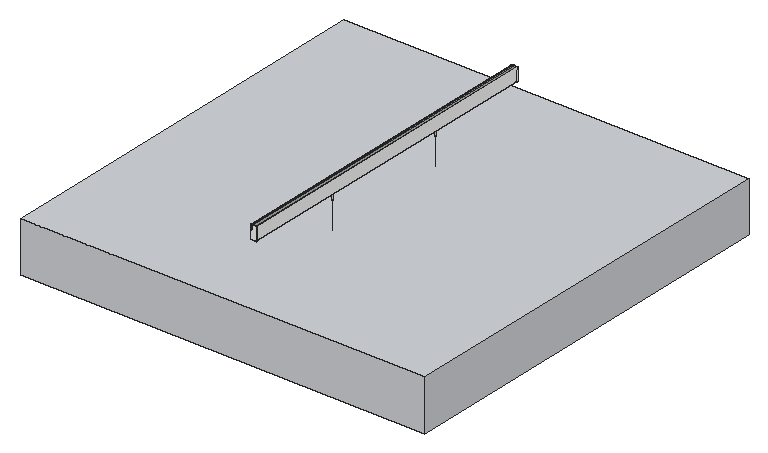
Revit family "LAMP_FIL 35 1960MM OPAL SUSPENDED", category Luminarias, Revit 2018
Family settings
  Anfitrión = Cara
  Cota de conector redondo = Diámetro de uso
  Tipo de pieza = Normal
  Corte con vacíos al cargar = No
  Origen de luz = Sí
  Compartido = No
  Punto de cálculo de habitación = No
Parameters (values of type "2128LM 3000K  BLACK")
  Ángulo de inclinación = -90.00°
  Weight = 4.267 kg
  Wattage = 18.9 W
  Type = "MID POWER TRIDONIC"
  built-in parameter 1150107 = 3000 (stored number, unit not read)
  NOT COVER 2 [instance] = not(END COVER 2)  # no
  NOT COVER 1 [instance] = not(END COVER 1)  # no
  END COVER 2 [instance] = yes
  END COVER 1 [instance] = yes
  Suspension distance [instance] = if(Suspension > 4000 mm, 4000 mm, if(Suspension < 1 mm, 1 mm, Suspension))  # 200 mm
  Suspension [instance] = 200 mm
  built-in parameter 1150110 = 1 (stored number, unit not read)
  built-in parameter 1150109 = 1 (stored number, unit not read)
  built-in parameter 1150112 = 1 (stored number, unit not read)
  built-in parameter 1150113 = 1 (stored number, unit not read)
  built-in parameter 1114218 = 1 (stored number, unit not read)
  Protection rating = "IP20 / IK07"
  Product datasheet = "http://www.lamp.es/product-files/TECH/F31SF196LOOP830NB-EN.pdf"
  Product code = "F31SF196LOOP830NB"
  Product URL = "https://www.lamp.es/en/family/fil-35_413911"
  Power Supply = "220-240V 50/60Hz"
  Power = 19 W
  Plum = 18.9 W
  Photobiological risk = ""
  built-in parameter 1150137 = (empty or 0)
  built-in parameter 1150132 = 2
  Modelo = Product code  # "F31SF196LOOP830NB"
  Model Explanation = ""
  Material suspension = LAMP_Acero genérico
  Material perfil = LAMP_Aluminio Perfil Fil NG
  Material difusor = LAMP_PC Difusor Opal Fil
  Manufacturer name = "LAMP"
  Manufacturer country = "Spain"
  Manufacturer URL = "http://www.lamp.es/en"
  MacAdam = "3"
  Longitud de línea de emisión = 1960 mm
  Last update = "28/04/2021"
  Lamp = "MID-POWER LED"
  LED Lifetime = "50.000 L90 B10"
  built-in parameter 1150105 = 840.94 (stored number, unit not read)
  built-in parameter 1150102 = (empty or 0)
  Insulation class = "I"
  Installation instructions = "https://www.lamp.es/product-files/INS/1004590-A%20INSTR.%20FIL35.pdf"
  built-in parameter 1150106 = 8.4094 (stored number, unit not read)
  IEE = "A+"
  Gear = "Electronic"
  Lumens = 2128.14 lm
  Finish = "Matte black RAL 9011"
  Color Filter = 16777215
  built-in parameter 1114217 = 1 (stored number, unit not read)
  built-in parameter 1150139 = (empty or 0)
  Fabricante = Manufacturer name  # "LAMP"
  Default Elevation = 1219.2 mm
  built-in parameter 1150104 = 10.461 (stored number, unit not read)
  Efficacy = 112.6 lm/W
  Dimensions = "1960x35x80"
  Descripción = "FIL35 SUR 1960 2800 WW OPAL BK."
  built-in parameter 1150115 = 1 (stored number, unit not read)
  built-in parameter 1150114 = 1 (stored number, unit not read)
  built-in parameter 1150138 = (empty or 0)
  built-in parameter 1150134 = 3
  Dimming Lamp Color Temperature Shift = (empty or 0)
  CRI = "80"
  Archivo de red fotométrica = "F31SF196LOOP830NB.IES"
  built-in parameter 1150133 = 10 (stored number, unit not read)
Types (12, lengths in mm): name | built-in parameter 1150107 | Product datasheet | Product code | Modelo | Material perfil | Finish | Descripción | Archivo de red fotométrica
  2128LM 3000K DALI BLACK | 3000 (stored number, unit not read) | "http://www.lamp.es/product-files/TECH/F31SF196LOOP830DB-EN.pdf" | "F31SF196LOOP830DB" | "F31SF196LOOP830DB" | LAMP_Aluminio Perfil Fil NG | "Matte black RAL 9011" | "FIL35 SUR 1960 2800 WW OPAL DALI BK." | "F31SF196LOOP830nB.IES"
  2128LM 3000K DALI GREY | 3000 (stored number, unit not read) | "http://www.lamp.es/product-files/TECH/F31SF196LOOP830DG-EN.pdf" | "F31SF196LOOP830DG" | "F31SF196LOOP830DG" | LAMP_Aluminio Perfil Fil GR | "Gloss grey" | "FIL35 SUR 1960 2800 WW OPAL DALI GR." | "F31SF196LOOP830nG.IES"
  2128LM 3000K DALI WHITE | 3000 (stored number, unit not read) | "http://www.lamp.es/product-files/TECH/F31SF196LOOP830DW-EN.pdf" | "F31SF196LOOP830DW" | "F31SF196LOOP830DW" | LAMP_Aluminio Perfil Fil BL | "Matte white RAL 9010" | "FIL35 SUR 1960 2800 WW OPAL DALI WH." | "F31SF196LOOP830nW.IES"
  2128LM 3000K  BLACK | 3000 (stored number, unit not read) | "http://www.lamp.es/product-files/TECH/F31SF196LOOP830NB-EN.pdf" | "F31SF196LOOP830NB" | "F31SF196LOOP830NB" | LAMP_Aluminio Perfil Fil NG | "Matte black RAL 9011" | "FIL35 SUR 1960 2800 WW OPAL BK." | "F31SF196LOOP830NB.IES"
  2128LM 3000K  GREY | 3000 (stored number, unit not read) | "http://www.lamp.es/product-files/TECH/F31SF196LOOP830NG-EN.pdf" | "F31SF196LOOP830NG" | "F31SF196LOOP830NG" | LAMP_Aluminio Perfil Fil GR | "Gloss grey" | "FIL35 SUR 1960 2800 WW OPAL GR." | "F31SF196LOOP830NG.IES"
  2128LM 3000K  WHITE | 3000 (stored number, unit not read) | "http://www.lamp.es/product-files/TECH/F31SF196LOOP830NW-EN.pdf" | "F31SF196LOOP830NW" | "F31SF196LOOP830NW" | LAMP_Aluminio Perfil Fil BL | "Matte white RAL 9010" | "FIL35 SUR 1960 2800 WW OPAL WH." | "F31SF196LOOP830NW.IES"
  2128LM 4000K DALI BLACK | 4000 (stored number, unit not read) | "http://www.lamp.es/product-files/TECH/F31SF196LOOP840DB-EN.pdf" | "F31SF196LOOP840DB" | "F31SF196LOOP840DB" | LAMP_Aluminio Perfil Fil NG | "Matte black RAL 9011" | "FIL35 SUR 1960 2800 NW OPAL DALI BK." | "F31SF196LOOP840nB.IES"
  2128LM 4000K DALI GREY | 4000 (stored number, unit not read) | "http://www.lamp.es/product-files/TECH/F31SF196LOOP840DG-EN.pdf" | "F31SF196LOOP840DG" | "F31SF196LOOP840DG" | LAMP_Aluminio Perfil Fil GR | "Gloss grey" | "FIL35 SUR 1960 2800 NW OPAL DALI GR." | "F31SF196LOOP840nG.IES"
  2128LM 4000K DALI WHITE | 4000 (stored number, unit not read) | "http://www.lamp.es/product-files/TECH/F31SF196LOOP840DW-EN.pdf" | "F31SF196LOOP840DW" | "F31SF196LOOP840DW" | LAMP_Aluminio Perfil Fil BL | "Matte white RAL 9010" | "FIL35 SUR 1960 2800 NW OPAL DALI WH." | "F31SF196LOOP840nW.IES"
  2128LM 4000K  BLACK | 4000 (stored number, unit not read) | "http://www.lamp.es/product-files/TECH/F31SF196LOOP840NB-EN.pdf" | "F31SF196LOOP840NB" | "F31SF196LOOP840NB" | LAMP_Aluminio Perfil Fil NG | "Matte black RAL 9011" | "FIL35 SUR 1960 2800 NW OPAL BK." | "F31SF196LOOP840NB.IES"
  2128LM 4000K  GREY | 4000 (stored number, unit not read) | "http://www.lamp.es/product-files/TECH/F31SF196LOOP840NG-EN.pdf" | "F31SF196LOOP840NG" | "F31SF196LOOP840NG" | LAMP_Aluminio Perfil Fil GR | "Gloss grey" | "FIL35 SUR 1960 2800 NW OPAL GR." | "F31SF196LOOP840NG.IES"
  2128LM 4000K  WHITE | 4000 (stored number, unit not read) | "http://www.lamp.es/product-files/TECH/F31SF196LOOP840NW-EN.pdf" | "F31SF196LOOP840NW" | "F31SF196LOOP840NW" | LAMP_Aluminio Perfil Fil BL | "Matte white RAL 9010" | "FIL35 SUR 1960 2800 NW OPAL WH." | "F31SF196LOOP840NW.IES"
Reference planes
  plane 1 "Centro (Frontal/Posterior)": y = 0
  plane 2: z = 0
  plane 3 "Centro (Izquierda/Derecha)": x = 0
Forms (mm)
  Extrusion 1, solid
    sketch origin (0, 0, 0) x (1, 0, 0) y (0, 1, 0)
      loop
        line (-1219.2, 1219.2) -> (-1219.2, -1219.2) -> (1219.2, -1219.2) -> (1219.2, 1219.2) -> (-1219.2, 1219.2)
    from 0 to -304.8
  Extrusion 2, solid, material "LAMP_Aluminio Perfil Fil NG" <- "Material perfil"
    sketch origin (0, 0, 0) x (1, 0, 0) y (0, 0, 1)
      loop
        arc (17.75, 285.7) -> (16.75, 286.7) -> (15.75, 285.7) r 1
        line (15.75, 285.7) -> (15.75, 284.2) -> (13.95, 284.2) -> (13.95, 259) -> (0, 259) -> (-13.95, 259) -> (-13.95, 284.2) -> (-15.75, 284.2) -> (-15.75, 285.7)
        arc (-15.75, 285.7) -> (-16.75, 286.7) -> (-17.75, 285.7) r 1
        line (-17.75, 285.7) -> (-17.75, 206.5) -> (-16.75, 206.5) -> (-16.75, 209.7) -> (-12.5, 209.7) -> (-12.5, 207.7) -> (-14.8, 207.7) -> (-13.6, 206.5) -> (-11, 206.5) -> (-11, 214.5) -> (0, 214.5) -> (11, 214.5) -> (11, 206.5) -> (13.6, 206.5) -> (14.8, 207.7) -> (12.5, 207.7) -> (12.5, 209.7) -> (16.75, 209.7) -> (16.75, 206.5) -> (17.75, 206.5) -> (17.75, 285.7)
    from -980 to 980
  Extrusion 3, solid, material "LAMP_Acero genérico" <- "Material suspension"
    sketch origin (0, 0, 0) x (1, 0, 0) y (0, 0, 1)
      loop
        line (-12.5, 201) -> (-15.291, 208.272) -> (-13.251, 209.7) -> (-14.251, 209.7) -> (-16.291, 208.272) -> (-13.116, 200) -> (0, 200) -> (13.116, 200) -> (16.291, 208.272) -> (14.251, 209.7) -> (13.251, 209.7) -> (15.291, 208.272) -> (12.5, 201) -> (0, 201) -> (-12.5, 201)
    from -400 to -378
  Extrusion 4, solid, material "LAMP_Acero genérico" <- "Material suspension"
    sketch origin (0, -24, 0) x (1, 0, 0) y (0, 1, 0)
      loop
        circle (0, -365) r 5
    from 163.2 to 200
  Extrusion 5, solid, material "LAMP_Acero genérico" <- "Material suspension"
    sketch origin (0, 24, 0) x (1, 0, 0) y (0, 1, 0)
      loop
        circle (0, 365) r 5
    from 163.2 to 200
  Extrusion 6, solid, material "LAMP_Acero genérico" <- "Material suspension"
    sketch origin (0, 0, 0) x (1, 0, 0) y (0, 1, 0)
      loop
        circle (0, -389) r 1
    from 0 to 163.2
  Extrusion 7, solid, material "LAMP_Acero genérico" <- "Material suspension"
    sketch origin (0, 0, 0) x (1, 0, 0) y (0, 1, 0)
      loop
        circle (0, 389) r 1
    from 0 to 163.2
  Extrusion 8, solid, material "LAMP_PC Difusor Opal Fil" <- "Material difusor"
    sketch origin (0, 0, -200) x (1, 0, 0) y (0, 0, 1)
      loop
        line (-15.75, 484.2) -> (0, 484.2) -> (15.75, 484.2) -> (15.75, 486.7) -> (0, 486.7) -> (-15.75, 486.7) -> (-15.75, 484.2)
    from -980 to 980
  Extrusion 9, solid, material "LAMP_Acero genérico" <- "Material suspension"
    sketch origin (0, 0, 0) x (1, 0, 0) y (0, 0, -1)
      loop
        line (-12.5, -201) -> (0, -201) -> (12.5, -201) -> (15.291, -208.272) -> (13.251, -209.7) -> (14.251, -209.7) -> (16.291, -208.272) -> (13.116, -200) -> (0, -200) -> (-13.116, -200) -> (-16.291, -208.272) -> (-14.251, -209.7) -> (-13.251, -209.7) -> (-15.291, -208.272) -> (-12.5, -201)
    from -400 to -378
  Extrusion 10, solid, material "LAMP_PC Difusor Opal Fil" <- "Material difusor"
    sketch origin (0, 0, 0) x (1, 0, 0) y (0, 0, 1)
      loop
        line (-11, 214.5) -> (-11, 206.5) -> (-7.529, 206.5) -> (11, 206.5) -> (11, 214.5) -> (10, 214.5) -> (10, 207.5) -> (-10, 207.5) -> (-10, 214.5) -> (-11, 214.5)
    from -980 to 980
Lines and regions (mm)
  reference lines
    curve 1: line (0, -445.47, 200) -> (0, 544.53, 200)
Text (mm)
  text "Any modification of the parameters and properties of the LAMP BIM models must be executed and validated by the LAMP technical department.\nPhone: +34 93 736 68 00\nE-mail: lamp@lamp.es\n\nLAMP reserves the right to modify the technical specifications of its products." at (3252.211, 5261.782, -2790.614), in view "Preview"
Dimensions and locks
  "Suspension distance": level to curve 1
  locked: Extrusion 4 to Extrusion 4 at 36.8
  locked: Extrusion 5 to Extrusion 5 at 36.8
  aligned and locked: plane 2 to Extrusion 1
  aligned and locked: level to Extrusion 1
  aligned and locked: curve 1 to Extrusion 9
  aligned and locked: curve 1 to Extrusion 3
  aligned and locked: Extrusion 4 to curve 1
  aligned and locked: Extrusion 5 to curve 1
  aligned and locked: Extrusion 6 to Extrusion 4
  aligned and locked: Extrusion 7 to Extrusion 5
  aligned and locked: Extrusion 2 to Extrusion 9
  aligned and locked: Extrusion 10 to Extrusion 2
  aligned and locked: Extrusion 8 to Extrusion 2
  aligned and locked: imposter light to Extrusion 8
  aligned and locked: Extrusion 2 to nested 1
  aligned and locked: nested 2 to Extrusion 2
Automatic sketch dimensions
  Extrusion 1 sketch curve to Extrusion 1 sketch curve = 2438.4 mm  (x2)
  Extrusion 4 sketch curve to plane 3 "Centro (Izquierda/Derecha)" = 0 mm
  plane 1 "Centro (Frontal/Posterior)" to Extrusion 4 sketch curve = 389 mm
  Extrusion 5 sketch curve to plane 3 "Centro (Izquierda/Derecha)" = 0 mm
  plane 1 "Centro (Frontal/Posterior)" to Extrusion 5 sketch curve = 389 mm
  Extrusion 6 sketch curve to plane 3 "Centro (Izquierda/Derecha)" = 0 mm
  plane 1 "Centro (Frontal/Posterior)" to Extrusion 6 sketch curve = 389 mm
  Extrusion 7 sketch curve to plane 3 "Centro (Izquierda/Derecha)" = 0 mm
  plane 1 "Centro (Frontal/Posterior)" to Extrusion 7 sketch curve = 389 mm
  Extrusion 10 sketch curve to plane 3 "Centro (Izquierda/Derecha)" = 11 mm
  Extrusion 10 sketch curve to Extrusion 10 sketch curve = 1 mm  (x3)
  Extrusion 10 sketch curve to Extrusion 10 sketch curve = 2.471 mm
  plane 3 "Centro (Izquierda/Derecha)" to Extrusion 10 sketch curve = 10 mm
  level to Extrusion 10 sketch curve = 206.5 mm
  Extrusion 10 sketch curve to Extrusion 10 sketch curve = 7 mm  (x2)
  Extrusion 2 sketch curve to plane 3 "Centro (Izquierda/Derecha)" = 0 mm  (x2)
  Extrusion 2 sketch curve to Extrusion 2 sketch curve = 11 mm
  Extrusion 2 sketch curve to Extrusion 2 sketch curve = 1.5 mm  (x4)
  Extrusion 2 sketch curve to Extrusion 2 sketch curve = 1.1 mm  (x2)
  Extrusion 2 sketch curve to plane 3 "Centro (Izquierda/Derecha)" = 13.95 mm
  Extrusion 2 sketch curve to Extrusion 2 sketch curve = 1.2 mm  (x4)
  Extrusion 2 sketch curve to Extrusion 2 sketch curve = 1.8 mm  (x2)
  Extrusion 2 sketch curve to Extrusion 2 sketch curve = 1 mm  (x3)
  plane 3 "Centro (Izquierda/Derecha)" to Extrusion 2 sketch curve = 11 mm
  plane 3 "Centro (Izquierda/Derecha)" to Extrusion 2 sketch curve = 13.95 mm
  Extrusion 2 sketch curve to Extrusion 2 sketch curve = 1.95 mm
  level to Extrusion 2 sketch curve = 206.5 mm
  Extrusion 2 sketch curve to Extrusion 2 sketch curve = 0 mm  (x3)
  Extrusion 2 sketch curve to Extrusion 2 sketch curve = 2 mm  (x2)
  Extrusion 2 sketch curve to Extrusion 2 sketch curve = 4.8 mm
  Extrusion 2 sketch curve to Extrusion 2 sketch curve = 44.5 mm
  Extrusion 2 sketch curve to Extrusion 2 sketch curve = 25.2 mm
  Extrusion 2 sketch curve to Extrusion 2 sketch curve = 26.7 mm
  Extrusion 8 sketch curve to plane 3 "Centro (Izquierda/Derecha)" = 0 mm  (x2)
  Extrusion 8 sketch curve to Extrusion 8 sketch curve = 15.75 mm
  plane 3 "Centro (Izquierda/Derecha)" to Extrusion 8 sketch curve = 15.75 mm
  level to Extrusion 8 sketch curve = 284.2 mm
  Extrusion 9 sketch curve to plane 3 "Centro (Izquierda/Derecha)" = 0 mm  (x2)
  Extrusion 9 sketch curve to Extrusion 9 sketch curve = 12.5 mm
  Extrusion 9 sketch curve to Extrusion 9 sketch curve = 0.616 mm  (x2)
  Extrusion 9 sketch curve to Extrusion 9 sketch curve = 0.751 mm  (x2)
  Extrusion 9 sketch curve to Extrusion 9 sketch curve = 1 mm  (x5)
  Extrusion 9 sketch curve to Extrusion 9 sketch curve = 1.04 mm  (x2)
  plane 3 "Centro (Izquierda/Derecha)" to Extrusion 9 sketch curve = 12.5 mm
  level to Extrusion 9 sketch curve = 209.7 mm
  Extrusion 9 sketch curve to Extrusion 9 sketch curve = 0 mm  (x3)
  Extrusion 9 sketch curve to Extrusion 9 sketch curve = 1.428 mm  (x2)
  Extrusion 9 sketch curve to Extrusion 9 sketch curve = 7.272 mm
  Extrusion 3 sketch curve to plane 3 "Centro (Izquierda/Derecha)" = 0 mm  (x2)
  Extrusion 3 sketch curve to Extrusion 3 sketch curve = 12.5 mm
  Extrusion 3 sketch curve to Extrusion 3 sketch curve = 0.616 mm  (x2)
  Extrusion 3 sketch curve to Extrusion 3 sketch curve = 0.751 mm  (x2)
  Extrusion 3 sketch curve to Extrusion 3 sketch curve = 1 mm  (x5)
  Extrusion 3 sketch curve to Extrusion 3 sketch curve = 1.04 mm  (x2)
  plane 3 "Centro (Izquierda/Derecha)" to Extrusion 3 sketch curve = 12.5 mm
  level to Extrusion 3 sketch curve = 200 mm
  Extrusion 3 sketch curve to Extrusion 3 sketch curve = 7.272 mm  (x2)
  Extrusion 3 sketch curve to Extrusion 3 sketch curve = 0 mm  (x2)
  Extrusion 3 sketch curve to Extrusion 3 sketch curve = 1.428 mm  (x2)
  Extrusion 8 sketch curve to Extrusion 8 sketch curve = 2.5 mm
  plane 1 "Centro (Frontal/Posterior)" to curve 1 = 445.47 mm
  curve 1 to plane 1 "Centro (Frontal/Posterior)" = 544.53 mm
  radius of Extrusion 4 sketch curve = 5 mm
  radius of Extrusion 5 sketch curve = 5 mm
  radius of Extrusion 6 sketch curve = 1 mm
  radius of Extrusion 7 sketch curve = 1 mm
Nested families
  nested 1: "LAMP_FIL 35 END COVER SURFACE" at (0, -981.4, 206.5), visible <- "END COVER 1", type "Blanco"
  nested 2: "LAMP_FIL 35 END COVER SURFACE" at (0, 981.4, 206.5), visible <- "END COVER 2", type "Blanco"
Connectors
  electrical at (0, 389, 200)
    settings: on Extrusion 5, index 1, voltage 230 V, apparent load 0 VA, apparent load phase1 0 VA, apparent load phase2 0 VA, apparent load phase3 0 VA, power factor 1, load classification "Otro", number of poles 1, system type 31, power factor state 1, is connector primary yes, connector utility no, sub classification motor no, connector description ""
Definition of nested family "LAMP_FIL 35 END COVER SURFACE"
  Parameters (values of type "Blanco")
    Material tapa = none
  Reference planes
    plane 1 "Centro (Frontal/Posterior)": y = 0
    plane 2: z = 0
    plane 3 "Centro (Izquierda/Derecha)": x = 0
  Forms (mm)
    Extrusion 1, solid, material <- "Material tapa"
      sketch origin (0, 0, 0) x (0, -1, 0) y (0, 0, 1)
        loop
          line (0, 0) -> (1.4, 0) -> (1.4, 80.5) -> (-1.4, 80.5) -> (-1.4, 0) -> (0, 0)
      from -17.8 to 17.8
  Dimensions and locks
    aligned and locked: level to plane 2
